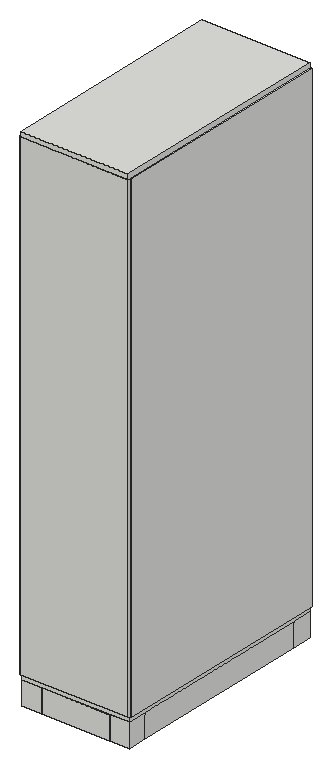
Revit family "Legrand Distribution enclosure XL³ 4000 external cables sleeves", category Equipement électrique, Revit 2020
Family settings
  Configuration du panneau = Deux colonnes, circuits au sein
  Cote de connecteur circulaire = Utiliser le diamètre
  Type d'élément = Tableau de raccordement
  Numéro OmniClass = 23.80.30.11.17
  Titre OmniClass = Distribution Boards and Control Panels
  Basée sur le plan de construction = Non
  Toujours verticalement = Oui
  Couper avec des vides une fois chargée = Non
  Partagée = Non
  Point de calcul de pièce = Non
Parameters (values of type "020503-020850-020517-020861")
  URL = "https://www.legrand.fr/"
  built-in parameter 1140140 [instance] = 1 (stored number, unit not read)
  Material = "Steel"  # constant formula
  width (mm) = 475 mm
  Modèle = "XL³ 4000"
  IN max (A) = "4000"
  ICW (until) = "110"
  IP without door = "30"
  IP with door = "55"
  IK without door = "07"
  IK with door = "08"
  height (mm) = 2200 mm
  Finish = "Epoxipolyester paint deposited by electrostatic powder"
  General Conditions of Use = "https://export.legrand.com/en/terms-of-use-BIM-objects"
  Fabricant = "Legrand"  # constant formula
  depth (mm) = 975 mm
  RAL = "7035"
  Elévation par défaut = 0 mm
  built-in parameter 1140142 [instance] = -1
  built-in parameter 1155100 [instance] = -1
Types (7, lengths in mm): name | height (mm) | depth (mm)
  (no name) | 2000 | 475
  020501-020500-020511-020554 | 2000 | 475
  020501-020850-020511-020861 | 2200 | 475
  020502-020500-020514-020554 | 2000 | 725
  020502-020850-020514-020861 | 2200 | 725
  020503-020500-020517-020554 | 2000 | 975
  020503-020850-020517-020861 | 2200 | 975
Reference planes
  plane 1 "Centre (avant/arrière)": y = 0
  plane 2: z = 0
  plane 3 "Centre (gauche/droite)": x = 0
  plane 4: x = -237.5
  plane 5: x = 237.5
  plane 6: y = 487.5
  plane 7: y = -487.5
  plane 8: x = -229.5
  plane 9: y = 479.5
  plane 10: x = 229.5
  plane 11: z = 2200
  plane 12: z = 2178
  plane 13: y = -479.5
  plane 14: x = -146.5
  plane 15: y = 396.5
  plane 16: x = 146.5
  plane 17: y = -396.5
  plane 18: z = 100
  plane 19: z = 122
  plane 20: y = 457.5
  plane 21: x = -207.5
  plane 22: y = -457.5
  plane 23: x = 207.5
  plane 24: y = -505.5
  plane 25: z = 1150
  plane 26: x = 217.5
  plane 27: z = 1150
  plane 28: z = 1150
Forms (mm)
  Extrusion 1, solid, material "IDS_ACIER"
    sketch origin (0, 0, 0) x (1, 0, 0) y (0, 1, 0)
      loop
        line (-229.5, 479.5) -> (-229.5, -487.5) -> (229.5, -487.5) -> (229.5, 479.5) -> (-229.5, 479.5)
    from 2178 to 2200
  Extrusion 2, solid, material "IDS_ACIER"
    sketch origin (0, 0, 0) x (1, 0, 0) y (0, 1, 0)
      loop
        line (-229.5, 479.5) -> (-229.5, 396.5) -> (-146.5, 396.5) -> (-146.5, 479.5) -> (-229.5, 479.5)
      loop
        line (229.5, 479.5) -> (146.5, 479.5) -> (146.5, 396.5) -> (229.5, 396.5) -> (229.5, 479.5)
      loop
        line (-229.5, -396.5) -> (-229.5, -479.5) -> (-146.5, -479.5) -> (-146.5, -396.5) -> (-229.5, -396.5)
      loop
        line (146.5, -396.5) -> (146.5, -479.5) -> (229.5, -479.5) -> (229.5, -396.5) -> (146.5, -396.5)
    from 0 to 100
  Extrusion 3, solid, material "IDS_ACIER"
    sketch origin (0, 0, 0) x (1, 0, 0) y (0, 1, 0)
      loop
        line (-229.5, 479.5) -> (-229.5, -479.5) -> (229.5, -479.5) -> (229.5, 479.5) -> (-229.5, 479.5)
    from 100 to 122
  Extrusion 4, solid, material "IDS_ACIER"
    sketch origin (0, 0, 0) x (1, 0, 0) y (0, 1, 0)
      loop
        line (-146.5, 479.5) -> (-146.5, 457.5) -> (146.5, 457.5) -> (146.5, 479.5) -> (-146.5, 479.5)
      loop
        line (229.5, 396.5) -> (207.5, 396.5) -> (207.5, -396.5) -> (229.5, -396.5) -> (229.5, 396.5)
      loop
        line (-229.5, 396.5) -> (-229.5, -396.5) -> (-207.5, -396.5) -> (-207.5, 396.5) -> (-229.5, 396.5)
      loop
        line (146.5, -479.5) -> (146.5, -457.5) -> (-146.5, -457.5) -> (-146.5, -479.5) -> (146.5, -479.5)
    from 0 to 100
  Extrusion 5, solid, material "IDS_ACIER"
    sketch origin (0, 0, 0) x (1, 0, 0) y (0, 1, 0)
      loop
        line (-229.5, 487.5) -> (-229.5, 479.5) -> (229.5, 479.5) -> (229.5, 487.5) -> (-229.5, 487.5)
      loop
        line (229.5, -487.5) -> (229.5, -479.5) -> (-229.5, -479.5) -> (-229.5, -487.5) -> (229.5, -487.5)
    from 122 to 2178
  Extrusion 6, solid, material "IDS_ACIER"
    sketch origin (0, 0, 0) x (1, 0, 0) y (0, 1, 0)
      loop
        line (237.5, 479.5) -> (229.5, 479.5) -> (229.5, -479.5) -> (237.5, -479.5) -> (237.5, 479.5)
      loop
        line (-237.5, 479.5) -> (-237.5, -479.5) -> (-229.5, -479.5) -> (-229.5, 479.5) -> (-237.5, 479.5)
    from 122 to 2178
Dimensions and locks
  equal spacing: plane 6, plane 1 "Centre (avant/arrière)", plane 7
  "depth (mm)": plane 6 to plane 7
  equal spacing: plane 4, plane 3 "Centre (gauche/droite)", plane 5
  "width (mm)": plane 4 to plane 5
  locked: plane 4 to plane 8 at 8
  locked: plane 6 to plane 9 at 8
  equal spacing: plane 8, plane 3 "Centre (gauche/droite)", plane 10
  "height (mm)": level to plane 11
  locked: plane 12 to plane 11 at 22
  equal spacing: plane 9, plane 1 "Centre (avant/arrière)", plane 13
  locked: plane 9 to plane 15 at 83
  locked: plane 8 to plane 14 at 83
  equal spacing: plane 14, plane 3 "Centre (gauche/droite)", plane 16
  equal spacing: plane 15, plane 1 "Centre (avant/arrière)", plane 17
  locked: plane 2 to plane 18 at 100
  locked: plane 18 to plane 19 at 22
  locked: plane 8 to plane 21 at 22
  locked: plane 22 to plane 13 at 22
  equal spacing: plane 21, plane 3 "Centre (gauche/droite)", plane 23
  equal spacing: plane 20, plane 1 "Centre (avant/arrière)", plane 22
  locked: plane 24 to plane 7 at 18
  equal spacing: plane 12, plane 25, plane 19
  plane 5 to plane 26 = 20 mm
  aligned and locked: level to plane 2
  aligned and locked: Extrusion 1 sketch curve to plane 9
  aligned and locked: Extrusion 1 sketch curve to plane 8
  aligned and locked: plane 7 to Extrusion 1 sketch curve
  aligned and locked: Extrusion 1 sketch curve to plane 10
  aligned and locked: plane 11 to Extrusion 1
  aligned and locked: Extrusion 1 to plane 12
  aligned and locked: Extrusion 2 sketch curve to plane 9
  aligned and locked: Extrusion 2 sketch curve to plane 8  (x2)
  aligned and locked: plane 15 to Extrusion 2 sketch curve
  aligned and locked: Extrusion 2 sketch curve to plane 14  (x2)
  aligned and locked: plane 10 to Extrusion 2 sketch curve
  aligned and locked: plane 9 to Extrusion 2 sketch curve
  aligned and locked: Extrusion 2 sketch curve to plane 16  (x2)
  aligned and locked: Extrusion 2 sketch curve to plane 15
  aligned and locked: plane 13 to Extrusion 2 sketch curve  (x2)
  aligned and locked: Extrusion 2 sketch curve to plane 17  (x2)
  aligned and locked: Extrusion 2 sketch curve to plane 10
  aligned and locked: plane 18 to Extrusion 2
  aligned and locked: Extrusion 2 to plane 2
  aligned and locked: Extrusion 3 sketch curve to plane 9
  aligned and locked: Extrusion 3 sketch curve to plane 8
  aligned and locked: plane 13 to Extrusion 3 sketch curve
  aligned and locked: Extrusion 3 sketch curve to plane 10
  aligned and locked: Extrusion 3 to plane 18
  aligned and locked: plane 19 to Extrusion 3
  aligned and locked: Extrusion 4 sketch curve to plane 9
  aligned and locked: plane 20 to Extrusion 4 sketch curve
  aligned and locked: plane 14 to Extrusion 4 sketch curve
  aligned and locked: Extrusion 4 sketch curve to plane 16
  aligned and locked: plane 10 to Extrusion 4 sketch curve
  aligned and locked: Extrusion 4 sketch curve to plane 23
  aligned and locked: plane 15 to Extrusion 4 sketch curve
  aligned and locked: Extrusion 4 sketch curve to plane 17
  aligned and locked: plane 13 to Extrusion 4 sketch curve
  aligned and locked: Extrusion 4 sketch curve to plane 22
  aligned and locked: Extrusion 4 sketch curve to plane 14
  aligned and locked: plane 16 to Extrusion 4 sketch curve
  aligned and locked: Extrusion 4 sketch curve to plane 8
  aligned and locked: Extrusion 4 sketch curve to plane 21
  aligned and locked: Extrusion 4 sketch curve to plane 15
  aligned and locked: plane 17 to Extrusion 4 sketch curve
  aligned and locked: Extrusion 4 to plane 2
  aligned and locked: plane 18 to Extrusion 4
  aligned and locked: plane 9 to Extrusion 5 sketch curve
  aligned and locked: Extrusion 5 sketch curve to plane 6
  aligned and locked: Extrusion 5 sketch curve to plane 10  (x2)
  aligned and locked: Extrusion 5 sketch curve to plane 8  (x2)
  aligned and locked: Extrusion 5 sketch curve to plane 13
  aligned and locked: plane 7 to Extrusion 5 sketch curve
  aligned and locked: Extrusion 5 to plane 19
  aligned and locked: plane 12 to Extrusion 5
  aligned and locked: plane 8 to Extrusion 6 sketch curve
  aligned and locked: plane 4 to Extrusion 6 sketch curve
  aligned and locked: Extrusion 6 sketch curve to plane 9
  aligned and locked: plane 13 to Extrusion 6 sketch curve
  aligned and locked: Extrusion 6 sketch curve to plane 10
  aligned and locked: plane 5 to Extrusion 6 sketch curve
  aligned and locked: Extrusion 6 sketch curve to plane 13
  aligned and locked: plane 9 to Extrusion 6 sketch curve
  aligned and locked: Extrusion 6 to plane 19
  aligned and locked: plane 12 to Extrusion 6
  aligned and locked: plane 25 to plane 27
  aligned and locked: plane 25 to plane 28
Connectors
  electrical at (0, 479.5, 1150)
    settings: on Extrusion 5, index 1, voltage 0 V, apparent load 0 VA, apparent load phase1 0 VA, apparent load phase2 0 VA, apparent load phase3 0 VA, power factor 1, load classification "Autre", number of poles 1, system type 31, power factor state 1, is connector primary yes, connector utility no, sub classification motor no, connector description ""
